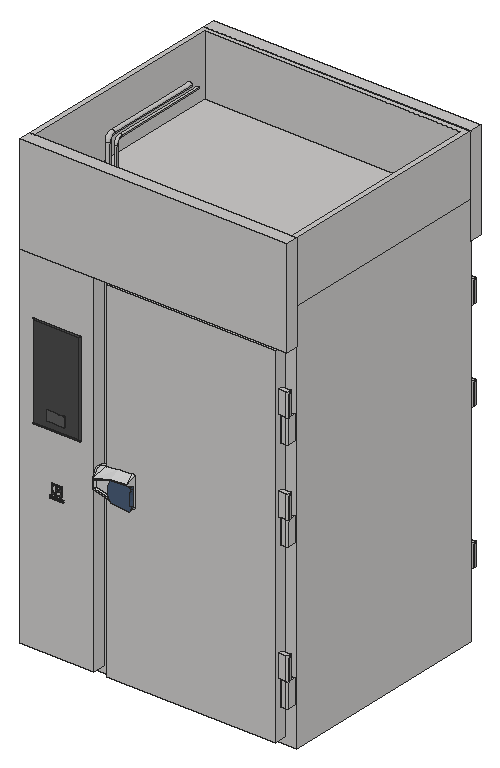
Revit family "QF_ELECTROLUXPROFESSIONAL_727759_EBFA22RPQ", category Specialty Equipment, Revit 2018 (continued)
Automatic sketch dimensions
  plane 3 "RIGHT" to curve 43 = 39 mm
  plane 3 "RIGHT" to curve 71 = 50 mm
  curve 42 to curve 40 = 11 mm
  curve 74 to curve 76 = 21 mm
  curve 42 to curve 44 = 21 mm
  curve 39 to plane 7 = 23 mm
  curve 47 to plane 7 = 57 mm
  curve 47 to curve 45 = 52.711 mm
  curve 45 to curve 41 = 95.289 mm
  curve 42 to curve 42 = 23.874 mm
  curve 42 to curve 44 = 1.937 mm
  curve 37 to curve 38 = 10 mm
  curve 36 to curve 35 = 20 mm
  curve 48 to plane 4 "FRONT" = 26.348 mm
  curve 12 to plane 4 "FRONT" = 313.032 mm
  curve 11 to curve 5 = 4.241 mm
  curve 5 to curve 4 = 0.785 mm
  curve 10 to curve 10 = 10 mm
  curve 16 to curve 15 = 4.974 mm
  curve 6 to plane 9 = 232 mm
  curve 5 to curve 4 = 0.032 mm
  plane 8 "BACK" to curve 25 = 93.807 mm
  curve 25 to curve 21 = 27.807 mm
  plane 8 "BACK" to curve 67 = 26.348 mm
  curve 64 to curve 61 = 10 mm
  curve 66 to curve 65 = 10 mm
  curve 76 to plane 8 "BACK" = 719.189 mm
  curve 75 to curve 75 = 1.937 mm
  curve 74 to curve 72 = 23.874 mm
  curve 72 to curve 77 = 95.289 mm
  curve 77 to curve 79 = 52.711 mm
  curve 78 to curve 71 = 34 mm
  curve 71 to curve 71 = 23 mm
  curve 30 to curve 29 = 8 mm
  curve 29 to curve 31 = 8 mm
  curve 32 to curve 32 = 23 mm
  curve 60 to curve 60 = 23 mm
  plane 8 "BACK" to curve 2 = 0.759 mm
  plane 3 "RIGHT" to curve 2 = 100 mm
  curve 2 to plane 4 "FRONT" = 0.759 mm
  curve 48 to curve 28 = 39.652 mm
  curve 4 to curve 20 = 19.974 mm
  curve 78 to curve 68 = 0 mm
  Extrusion 32 to Extrusion 12 sketch curve = 50.191 mm
  Extrusion 32 to Extrusion 12 sketch curve = 190.294 mm
  radius of Extrusion 13 sketch curve = 12.7 mm
  radius of Sweep 14 sketch curve = 11 mm
  radius of Sweep 15 sketch curve = 6 mm
  radius of Blend 17 sketch curve to Extrusion 11 = 0 mm  (x3)
  radius of Blend 18 sketch curve to Blend 17 = 5 mm  (x3)
  radius of Blend 18 sketch curve to Blend 17 = 10 mm  (x3)
  radius of Blend 18 to Blend 19 sketch curve = 10 mm  (x2)
  radius of Blend 19 sketch curve to Blend 18 = 0 mm  (x2)
  radius of Blend 26 sketch curve to Extrusion 25 = 0 mm  (x3)
  radius of Blend 27 sketch curve to Blend 26 = 5 mm  (x3)
  radius of Blend 27 sketch curve to Blend 26 = 10 mm  (x3)
  radius of Blend 27 to Blend 28 sketch curve = 10 mm  (x2)
  radius of Blend 28 sketch curve to Blend 27 = 0 mm  (x2)
  radius of Blend 35 sketch curve to Extrusion 34 = 0 mm  (x3)
  radius of Blend 36 sketch curve to Blend 35 = 5 mm  (x3)
  radius of Blend 36 sketch curve to Blend 35 = 10 mm  (x3)
  radius of Blend 36 to Blend 37 sketch curve = 10 mm  (x2)
  radius of Blend 37 sketch curve to Blend 36 = 0 mm  (x2)
  radius of Blend 42 sketch curve to Extrusion 41 = 0 mm  (x3)
  radius of Blend 43 sketch curve to Blend 42 = 5 mm  (x3)
  radius of Blend 43 sketch curve to Blend 42 = 10 mm  (x3)
  radius of Blend 43 to Blend 44 sketch curve = 10 mm  (x2)
  radius of Blend 44 sketch curve to Blend 43 = 0 mm  (x2)
  radius of Extrusion 12 sketch curve = 10 mm
Nested families
  nested 1: "ELX_Touch" at (194.5, -1205, 1338.103) x (1, 0, 0) z (0, -1, 0), type "ELX_Touch"
  nested 2: "ELX_Logo_S_New" at (194.5, -1205, 779.103) x (1, 0, 0) z (0, -1, 0), visible <- "Show Logo", type "ELX_Logo_S_New"
    with M QF_Finishes_Black
  nested 3: "ELX_Logo_Symbol" at (194.5, -1205, 819.103) x (1, 0, 0) z (0, -1, 0), visible <- "Show Logo", type "ELX_Logo_Symbol"
    with M QF_Finishes_Black
Connectors
  piping at (271, -895, 110), diameter 25.4
    settings: on Extrusion 13, index 5, connector inside diameter 24", connector length 0 mm, flow factor 0, pipe flow 0 GPM, pressure drop 0.00 psi, fitting loss kfactor 0, connector angle 0.00°, fixture units 0, engagement length 0 mm, angle of deflection 0.00°, flow configuration 1, flow direction 2, fitting loss method 0, system type 16, joint type 0, gender type 0, connector reference index -1, connector utility 0, adjustable connector no, is connector primary yes, connector description "Drain"
  electrical at (50.191, 65, 2209.706), driven by "Volts"
    settings: on Extrusion 12, index 6, voltage 208 V, apparent load 0 VA, apparent load phase1 0 VA, apparent load phase2 0 VA, apparent load phase3 0 VA, power factor 1, load classification "Altro", number of poles 1, system type 30, power factor state 1, is connector primary yes, connector utility no, sub classification motor no, connector description "Electrical Connection"
  piping at (239, -337, 2344), diameter 12
    settings: on Sweep 15, index 7, connector inside diameter 24", connector length 0 mm, flow factor 0, pipe flow 0 GPM, pressure drop 0.00 psi, fitting loss kfactor 0, connector angle 0.00°, fixture units 0, engagement length 0 mm, angle of deflection 0.00°, flow configuration 1, flow direction 1, fitting loss method 0, system type 8, joint type 0, gender type 0, connector reference index -1, connector utility 0, adjustable connector no, is connector primary no, connector description "Refrigerant Outlet"
  piping at (196, -337, 2344), diameter 22
    settings: on Sweep 14, index 8, connector inside diameter 24", connector length 0 mm, flow factor 0, pipe flow 0 GPM, pressure drop 0.00 psi, fitting loss kfactor 0, connector angle 0.00°, fixture units 0, engagement length 0 mm, angle of deflection 0.00°, flow configuration 1, flow direction 1, fitting loss method 0, system type 7, joint type 0, gender type 0, connector reference index -1, connector utility 0, adjustable connector no, is connector primary no, connector description "Refrigerant Inlet"
Definition of nested family "ELX_Touch"
  Parameters
    Default Elevation = 1219.2 mm
  Reference planes
    plane 1 "Centro (Fronte/Retro)": y = 0
    plane 2: z = 0
    plane 3 "Centro (Sinistra/Destra)": x = 0
  Forms (mm)
    Extrusion 1, solid
      sketch origin (0, 0, 0) x (1, 0, 0) y (0, 1, 0)
        loop
          line (-1219.2, 1219.2) -> (-1219.2, -1219.2) -> (1219.2, -1219.2) -> (1219.2, 1219.2) -> (-1219.2, 1219.2)
      from 0 to -304.8
    Extrusion 2, solid
      sketch origin (0, 0, 5) x (1, 0, 0) y (0, 1, 0)
        loop
          line (-47, -160) -> (-47, -202)
          arc (-47, -202) -> (-45.536, -205.535) -> (-42, -207) r 5
          line (-42, -207) -> (42, -207)
          arc (42, -207) -> (45.536, -205.535) -> (47, -202) r 5
          line (47, -202) -> (47, -160)
          arc (47, -160) -> (45.536, -156.465) -> (42, -155) r 5
          line (42, -155) -> (-42, -155)
          arc (-42, -155) -> (-45.536, -156.465) -> (-47, -160) r 5
      from 0 to 2
    Blend 3, solid
      base sketch origin (0, 0, 0) x (1, 0, 0) y (0, 1, 0)
        loop
          line (-127, 244) -> (-127, -244)
          arc (-127, -244) -> (-125.536, -247.536) -> (-122, -249) r 5
          line (-122, -249) -> (122, -249)
          arc (122, -249) -> (125.536, -247.536) -> (127, -244) r 5
          line (127, -244) -> (127, 244)
          arc (127, 244) -> (125.536, 247.536) -> (122, 249) r 5
          line (122, 249) -> (-122, 249)
          arc (-122, 249) -> (-125.536, 247.536) -> (-127, 244) r 5
      top sketch origin (0, 0, 0) x (1, 0, 0) y (0, 1, 0)
        loop
          line (-119, -241) -> (119, -241) -> (119, 241) -> (-119, 241) -> (-119, -241)
      from 0 to 5
  Lines and regions (mm)
    Split face 1
      outline origin (0, 0, 5) x (1, 0, 0) y (0, 1, 0)
        loop
          line (-70.506, 46.167) -> (70.506, 46.167) -> (70.506, 214.829) -> (-70.506, 214.829) -> (-70.506, 46.167)
    Split face 2
      outline origin (0, 0, 5) x (1, 0, 0) y (0, 1, 0)
        loop
          line (-47.467, 50.825) -> (47.467, 50.825) -> (47.467, 210.171) -> (-47.467, 210.171) -> (-47.467, 50.825)
    Split face 3
      outline origin (0, 0, 5) x (1, 0, 0) y (0, 1, 0)
        loop
          line (-70.521, -215.33) -> (70.521, -215.33) -> (70.521, -146.67) -> (-70.521, -146.67) -> (-70.521, -215.33)
    Split face 4
      outline origin (0, 0, 5) x (1, 0, 0) y (0, 1, 0)
        loop
          line (-119, 201.163) -> (-70.506, 201.163)
        loop
          line (70.506, 201.163) -> (119, 201.163)
        loop
          line (70.521, -200.849) -> (119, -200.849)
        loop
          line (-119, -200.849) -> (-70.521, -200.849)
  Dimensions and locks
    aligned and locked: plane 2 to Extrusion 1
    aligned and locked: level to Extrusion 1
Definition of nested family "ELX_Logo_S_New"
  Parameters
    Default Elevation = 0 mm
    M [instance] = none
  Reference planes
    plane 1 "Centro (Fronte/Retro)": y = 0
    plane 2: z = 0
    plane 3 "Centro (Sinistra/Destra)": x = 0
  Forms (mm)
    Extrusion 1, solid
      sketch origin (0, 0, 0) x (1, 0, 0) y (0, 1, 0)
        loop
          line (-1219.2, 1219.2) -> (-1219.2, -1219.2) -> (1219.2, -1219.2) -> (1219.2, 1219.2) -> (-1219.2, 1219.2)
      from 0 to -304.8
    Extrusion 2, solid, material <- "M"
      sketch origin (0, 0, 0) x (1, 0, 0) y (0, 1, 0)
        loop
          spline (-32.537, -4.135) -> (-32.702, -4.128) -> (-32.877, -4.105) -> (-33.059, -4.064) -> (-33.242, -4.002) -> (-33.422, -3.916) -> (-33.593, -3.803) -> (-33.751, -3.66) -> (-33.891, -3.486) -> (-34.008, -3.276) -> (-34.098, -3.029) -> (-34.155, -2.741) -> (-34.176, -2.41)
          line (-34.176, -2.41) -> (-34.176, -0.943) -> (-29.331, -0.943) -> (-29.331, 0.928) -> (-34.176, 0.928) -> (-34.176, 3.652) -> (-29.023, 3.652) -> (-29.023, 5.518) -> (-36.159, 5.518) -> (-36.159, -2.326)
          spline (-36.159, -2.326) -> (-36.142, -2.808) -> (-36.088, -3.263) -> (-35.996, -3.688) -> (-35.867, -4.083) -> (-35.698, -4.445) -> (-35.489, -4.773) -> (-35.239, -5.066) -> (-34.946, -5.322) -> (-34.61, -5.539) -> (-34.23, -5.716) -> (-33.804, -5.851) -> (-33.332, -5.943)
          line (-33.332, -5.943) -> (-32.554, -5.999) -> (-28.885, -5.999) -> (-28.885, -4.135) -> (-32.537, -4.135)
        loop
          line (-27.476, 0.076) -> (-27.476, -6.002) -> (-25.492, -6.002) -> (-25.492, 5.521) -> (-27.476, 5.521) -> (-27.476, 0.076)
        loop
          spline (-15.702, -2.321) -> (-15.689, -1.697) -> (-15.749, -1.094) -> (-15.879, -0.516) -> (-16.078, 0.029) -> (-16.341, 0.538) -> (-16.668, 1.004) -> (-17.055, 1.422) -> (-17.5, 1.786) -> (-17.999, 2.091) -> (-18.552, 2.331) -> (-19.154, 2.5) -> (-19.804, 2.594)
          spline (-19.804, 2.594) -> (-20.422, 2.558) -> (-21.009, 2.453) -> (-21.56, 2.28) -> (-22.072, 2.042) -> (-22.54, 1.743) -> (-22.96, 1.385) -> (-23.327, 0.97) -> (-23.638, 0.502) -> (-23.887, -0.018) -> (-24.07, -0.586) -> (-24.183, -1.2) -> (-24.222, -1.857)
          spline (-24.222, -1.857) -> (-24.184, -2.498) -> (-24.074, -3.097) -> (-23.895, -3.652) -> (-23.651, -4.16) -> (-23.344, -4.618) -> (-22.979, -5.023) -> (-22.559, -5.374) -> (-22.087, -5.667) -> (-21.567, -5.899) -> (-21.003, -6.068) -> (-20.397, -6.172) -> (-19.754, -6.207)
          spline (-19.754, -6.207) -> (-19.44, -6.2) -> (-19.13, -6.176) -> (-18.823, -6.135) -> (-18.52, -6.074) -> (-18.221, -5.993) -> (-17.925, -5.89) -> (-17.634, -5.762) -> (-17.346, -5.609) -> (-17.062, -5.43) -> (-16.782, -5.221) -> (-16.506, -4.983) -> (-16.234, -4.713)
          line (-16.234, -4.713) -> (-17.429, -3.55)
          spline (-17.429, -3.55) -> (-17.587, -3.702) -> (-17.745, -3.841) -> (-17.906, -3.967) -> (-18.07, -4.08) -> (-18.239, -4.181) -> (-18.415, -4.268) -> (-18.599, -4.343) -> (-18.792, -4.404) -> (-18.996, -4.452) -> (-19.213, -4.486) -> (-19.443, -4.506) -> (-19.688, -4.513)
          spline (-19.688, -4.513) -> (-20.047, -4.496) -> (-20.383, -4.443) -> (-20.696, -4.358) -> (-20.984, -4.24) -> (-21.246, -4.092) -> (-21.479, -3.915) -> (-21.683, -3.711) -> (-21.856, -3.48) -> (-21.997, -3.224) -> (-22.104, -2.945) -> (-22.176, -2.643) -> (-22.212, -2.321)
          line (-22.212, -2.321) -> (-15.702, -2.321)
        loop
          spline (-17.695, -0.926) -> (-17.714, -0.681) -> (-17.771, -0.445) -> (-17.861, -0.221) -> (-17.984, -0.01) -> (-18.135, 0.184) -> (-18.314, 0.36) -> (-18.516, 0.516) -> (-18.741, 0.648) -> (-18.984, 0.755) -> (-19.244, 0.834) -> (-19.518, 0.883) -> (-19.804, 0.9)
          spline (-19.804, 0.9) -> (-20.11, 0.884) -> (-20.405, 0.835) -> (-20.686, 0.757) -> (-20.95, 0.652) -> (-21.195, 0.521) -> (-21.419, 0.367) -> (-21.618, 0.192) -> (-21.79, -0.003) -> (-21.934, -0.214) -> (-22.045, -0.439) -> (-22.122, -0.678) -> (-22.162, -0.926)
          line (-22.162, -0.926) -> (-17.695, -0.926)
        loop
          spline (-12.669, -1.807) -> (-12.646, -1.438) -> (-12.58, -1.088) -> (-12.472, -0.759) -> (-12.326, -0.455) -> (-12.145, -0.177) -> (-11.93, 0.072) -> (-11.685, 0.289) -> (-11.412, 0.473) -> (-11.114, 0.62) -> (-10.793, 0.728) -> (-10.453, 0.794) -> (-10.095, 0.817)
          spline (-10.095, 0.817) -> (-9.876, 0.81) -> (-9.665, 0.79) -> (-9.464, 0.756) -> (-9.271, 0.709) -> (-9.086, 0.65) -> (-8.908, 0.578) -> (-8.737, 0.495) -> (-8.572, 0.399) -> (-8.414, 0.292) -> (-8.261, 0.173) -> (-8.113, 0.044) -> (-7.969, -0.096)
          line (-7.969, -0.096) -> (-6.741, 1.183)
          spline (-6.741, 1.183) -> (-6.985, 1.427) -> (-7.237, 1.647) -> (-7.496, 1.843) -> (-7.762, 2.015) -> (-8.034, 2.164) -> (-8.312, 2.291) -> (-8.596, 2.397) -> (-8.886, 2.482) -> (-9.181, 2.546) -> (-9.481, 2.592) -> (-9.786, 2.619) -> (-10.095, 2.627)
          spline (-10.095, 2.627) -> (-10.715, 2.589) -> (-11.308, 2.476) -> (-11.871, 2.294) -> (-12.396, 2.046) -> (-12.88, 1.736) -> (-13.316, 1.369) -> (-13.7, 0.949) -> (-14.026, 0.48) -> (-14.289, -0.035) -> (-14.483, -0.59) -> (-14.604, -1.182) -> (-14.645, -1.807)
          spline (-14.645, -1.807) -> (-14.604, -2.431) -> (-14.483, -3.023) -> (-14.289, -3.578) -> (-14.026, -4.093) -> (-13.7, -4.562) -> (-13.316, -4.983) -> (-12.88, -5.35) -> (-12.396, -5.659) -> (-11.871, -5.907) -> (-11.308, -6.09) -> (-10.715, -6.202) -> (-10.095, -6.24)
          spline (-10.095, -6.24) -> (-9.786, -6.232) -> (-9.481, -6.205) -> (-9.181, -6.16) -> (-8.886, -6.095) -> (-8.596, -6.01) -> (-8.312, -5.904) -> (-8.034, -5.777) -> (-7.762, -5.628) -> (-7.496, -5.456) -> (-7.237, -5.26) -> (-6.985, -5.04) -> (-6.741, -4.796)
          line (-6.741, -4.796) -> (-7.969, -3.517)
          spline (-7.969, -3.517) -> (-8.113, -3.657) -> (-8.261, -3.786) -> (-8.414, -3.905) -> (-8.572, -4.012) -> (-8.737, -4.108) -> (-8.908, -4.192) -> (-9.086, -4.263) -> (-9.271, -4.323) -> (-9.464, -4.369) -> (-9.665, -4.403) -> (-9.876, -4.423) -> (-10.095, -4.43)
          spline (-10.095, -4.43) -> (-10.453, -4.408) -> (-10.793, -4.341) -> (-11.114, -4.233) -> (-11.412, -4.086) -> (-11.685, -3.902) -> (-11.93, -3.685) -> (-12.145, -3.436) -> (-12.326, -3.158) -> (-12.472, -2.854) -> (-12.58, -2.526) -> (-12.646, -2.176) -> (-12.669, -1.807)
        loop
          spline (-1.683, -4.138) -> (-1.858, -4.14) -> (-2.045, -4.127) -> (-2.24, -4.095) -> (-2.438, -4.04) -> (-2.633, -3.959) -> (-2.822, -3.85) -> (-2.998, -3.709) -> (-3.157, -3.533) -> (-3.294, -3.318) -> (-3.404, -3.061) -> (-3.483, -2.76) -> (-3.524, -2.411)
          line (-3.524, -2.411) -> (-3.524, 0.529) -> (-1.72, 0.529) -> (-1.72, 2.331) -> (-3.522, 2.331) -> (-3.522, 5.521) -> (-5.506, 5.521) -> (-5.506, -2.523)
          spline (-5.506, -2.523) -> (-5.463, -2.99) -> (-5.386, -3.429) -> (-5.274, -3.839) -> (-5.126, -4.218) -> (-4.941, -4.564) -> (-4.717, -4.877) -> (-4.455, -5.155) -> (-4.153, -5.396) -> (-3.81, -5.599) -> (-3.425, -5.762) -> (-2.998, -5.884) -> (-2.528, -5.964)
          line (-2.528, -5.964) -> (-1.69, -6.002) -> (-1.683, -4.138)
        loop
          spline (4.991, 2.446) -> (4.648, 2.468) -> (4.318, 2.461) -> (4.001, 2.429) -> (3.699, 2.371) -> (3.413, 2.288) -> (3.142, 2.182) -> (2.89, 2.052) -> (2.655, 1.901) -> (2.439, 1.728) -> (2.244, 1.535) -> (2.069, 1.322) -> (1.917, 1.091)
          line (1.917, 1.091) -> (1.917, 2.33) -> (-0.051, 2.33) -> (-0.051, -6.002) -> (1.917, -6.002) -> (1.917, -1.621)
          spline (1.917, -1.621) -> (1.935, -1.288) -> (1.988, -0.979) -> (2.075, -0.693) -> (2.195, -0.432) -> (2.345, -0.197) -> (2.526, 0.01) -> (2.736, 0.189) -> (2.972, 0.338) -> (3.235, 0.456) -> (3.522, 0.541) -> (3.832, 0.594) -> (4.165, 0.611)
          line (4.165, 0.611) -> (4.991, 0.529) -> (4.991, 2.446)
        loop
          spline (14.388, -1.836) -> (14.347, -1.224) -> (14.226, -0.642) -> (14.031, -0.093) -> (13.768, 0.418) -> (13.441, 0.887) -> (13.057, 1.308) -> (12.621, 1.677) -> (12.137, 1.989) -> (11.612, 2.24) -> (11.051, 2.425) -> (10.459, 2.539) -> (9.842, 2.578)
          spline (9.842, 2.578) -> (9.221, 2.539) -> (8.627, 2.425) -> (8.064, 2.24) -> (7.539, 1.989) -> (7.056, 1.677) -> (6.62, 1.308) -> (6.237, 0.887) -> (5.912, 0.418) -> (5.65, -0.093) -> (5.456, -0.642) -> (5.336, -1.224) -> (5.295, -1.836)
          spline (5.295, -1.836) -> (5.336, -2.447) -> (5.456, -3.029) -> (5.65, -3.578) -> (5.912, -4.089) -> (6.237, -4.558) -> (6.62, -4.979) -> (7.056, -5.348) -> (7.539, -5.66) -> (8.064, -5.911) -> (8.627, -6.096) -> (9.221, -6.211) -> (9.842, -6.25)
          spline (9.842, -6.25) -> (10.459, -6.211) -> (11.051, -6.096) -> (11.612, -5.911) -> (12.137, -5.66) -> (12.621, -5.348) -> (13.057, -4.979) -> (13.441, -4.558) -> (13.768, -4.089) -> (14.031, -3.578) -> (14.226, -3.029) -> (14.347, -2.447) -> (14.388, -1.836)
        loop
          spline (12.42, -1.836) -> (12.397, -1.475) -> (12.33, -1.131) -> (12.222, -0.807) -> (12.075, -0.504) -> (11.893, -0.227) -> (11.677, 0.022) -> (11.431, 0.241) -> (11.157, 0.426) -> (10.859, 0.575) -> (10.538, 0.685) -> (10.198, 0.753) -> (9.842, 0.777)
          spline (9.842, 0.777) -> (9.482, 0.753) -> (9.14, 0.685) -> (8.818, 0.575) -> (8.519, 0.426) -> (8.246, 0.241) -> (8.001, 0.022) -> (7.786, -0.227) -> (7.605, -0.504) -> (7.459, -0.807) -> (7.352, -1.131) -> (7.286, -1.475) -> (7.263, -1.836)
          spline (7.263, -1.836) -> (7.286, -2.196) -> (7.352, -2.54) -> (7.459, -2.865) -> (7.605, -3.167) -> (7.786, -3.444) -> (8.001, -3.694) -> (8.246, -3.912) -> (8.519, -4.098) -> (8.818, -4.247) -> (9.14, -4.357) -> (9.482, -4.425) -> (9.842, -4.448)
          spline (9.842, -4.448) -> (10.198, -4.425) -> (10.538, -4.357) -> (10.859, -4.247) -> (11.157, -4.098) -> (11.431, -3.912) -> (11.677, -3.694) -> (11.893, -3.444) -> (12.075, -3.167) -> (12.222, -2.865) -> (12.33, -2.54) -> (12.397, -2.196) -> (12.42, -1.836)
        loop
          line (15.608, 0.275) -> (15.608, -6.002) -> (17.593, -6.002) -> (17.593, 5.521) -> (15.608, 5.521) -> (15.608, 0.275)
        loop
          line (24.747, 2.33) -> (24.747, -2.513)
          spline (24.747, -2.513) -> (24.731, -2.828) -> (24.685, -3.112) -> (24.61, -3.366) -> (24.507, -3.59) -> (24.38, -3.785) -> (24.229, -3.952) -> (24.056, -4.091) -> (23.863, -4.203) -> (23.652, -4.29) -> (23.425, -4.35) -> (23.183, -4.386) -> (22.928, -4.398)
          spline (22.928, -4.398) -> (22.674, -4.386) -> (22.432, -4.35) -> (22.205, -4.29) -> (21.994, -4.204) -> (21.802, -4.092) -> (21.629, -3.954) -> (21.478, -3.788) -> (21.35, -3.595) -> (21.248, -3.373) -> (21.173, -3.122) -> (21.126, -2.841) -> (21.11, -2.53)
          line (21.11, -2.53) -> (21.11, 2.33) -> (19.11, 2.33) -> (19.11, -2.696)
          spline (19.11, -2.696) -> (19.145, -3.265) -> (19.248, -3.783) -> (19.413, -4.25) -> (19.636, -4.667) -> (19.912, -5.033) -> (20.236, -5.349) -> (20.603, -5.616) -> (21.008, -5.833) -> (21.446, -6.001) -> (21.913, -6.121) -> (22.403, -6.193) -> (22.912, -6.217)
          spline (22.912, -6.217) -> (23.425, -6.193) -> (23.92, -6.12) -> (24.39, -5.998) -> (24.832, -5.828) -> (25.241, -5.607) -> (25.611, -5.337) -> (25.937, -5.016) -> (26.216, -4.645) -> (26.441, -4.222) -> (26.608, -3.749) -> (26.711, -3.223) -> (26.747, -2.646)
          line (26.747, -2.646) -> (26.747, 2.33) -> (24.747, 2.33)
        loop
          line (34.253, -3.337) -> (33.002, -1.588) -> (34.551, 0.523) -> (35.878, 2.33) -> (33.713, 2.33) -> (31.91, -0.166) -> (30.092, 2.33) -> (27.943, 2.33) -> (29.175, 0.645) -> (30.82, -1.604) -> (29.096, -4.004) -> (27.662, -6.002) -> (29.794, -6.002) -> (31.91, -3.059) -> (34.027, -6.002) -> (36.159, -6.002) -> (34.253, -3.337)
      from 0 to 1.644
  Dimensions and locks
    aligned and locked: plane 2 to Extrusion 1
    aligned and locked: level to Extrusion 1
Definition of nested family "ELX_Logo_Symbol"
  Parameters
    Default Elevation = 0 mm
    M [instance] = none
  Reference planes
    plane 1 "Centro (Fronte/Retro)": y = 0
    plane 2: z = 0
    plane 3 "Centro (Sinistra/Destra)": x = 0
  Forms (mm)
    Extrusion 1, solid
      sketch origin (0, 0, 0) x (1, 0, 0) y (0, 1, 0)
        loop
          line (-1219.2, 1219.2) -> (-1219.2, -1219.2) -> (1219.2, -1219.2) -> (1219.2, 1219.2) -> (-1219.2, 1219.2)
      from 0 to -304.8
    Extrusion 2, solid, material <- "M"
      sketch origin (94.462, 558.781, 0) x (1, 0, 0) y (0, 1, 0)
        loop
          line (-101.645, -583.129) -> (-101.645, -534.543)
          arc (-101.645, -534.543) -> (-119.606, -558.836) -> (-101.645, -583.129) r 25.41
        loop
          arc (-99.174, -583.129) -> (-78.968, -578.537) -> (-69.233, -560.244) r 24.902
          line (-69.233, -560.244) -> (-77.271, -560.244)
          arc (-77.271, -560.244) -> (-91.631, -566.073) -> (-99.174, -579.611) r 23.341
          line (-99.174, -579.611) -> (-99.174, -583.129)
        loop
          arc (-99.174, -538.061) -> (-91.631, -551.599) -> (-77.271, -557.427) r 23.341
          line (-77.271, -557.427) -> (-69.233, -557.427)
          arc (-69.233, -557.427) -> (-78.952, -538.984) -> (-99.174, -533.918) r 25.553
          line (-99.174, -533.918) -> (-99.174, -538.061)
        loop
          line (-67.388, -585.781) -> (-67.388, -531.781) -> (-121.462, -531.781) -> (-121.462, -585.781) -> (-67.388, -585.781)
      from 0 to 1.644
  Dimensions and locks
    aligned and locked: plane 2 to Extrusion 1
    aligned and locked: level to Extrusion 1
